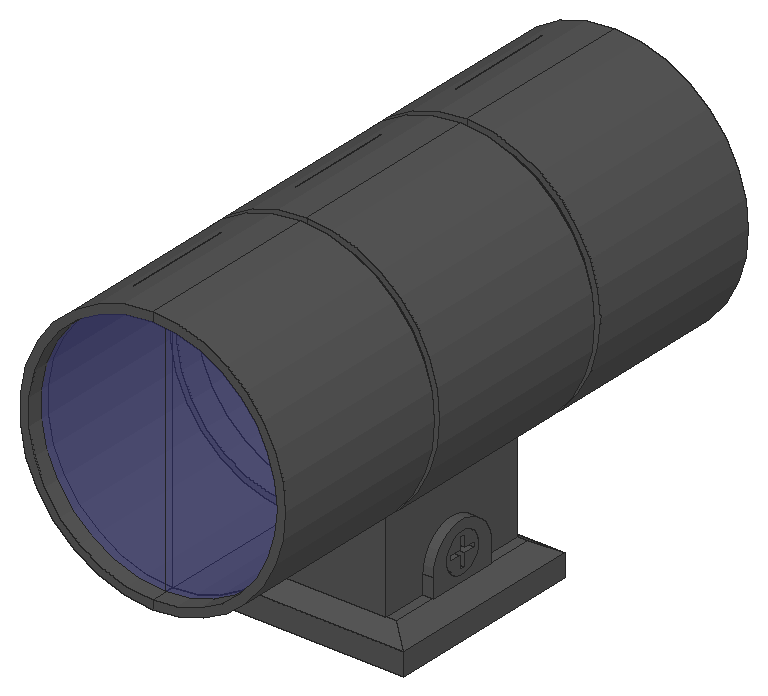
Revit family "CARLO CYLINDER LIGHT WALL MOUNT", category Lighting Fixtures, host Face, Revit 2020 (continued)
Types (10): name | Wattage_Input | Wattage Comments | Wattage | Photometric Web File | built-in parameter 1150142 | Model | built-in parameter 1150105 | Lumens | Light Length 1 | LIGHT RADIUS | LIGHT PLACEMENT | LIGHT LENGTH | LIGHT DIA | built-in parameter 1150106 | FIXED END HEIGHT | Curve base Height | Base Curve | BEAMING ANGLE | Apparent Load
    1.9098 \r\n 1.8232 1.7465 1.6753 1.6054 1.5388 1.4759 1.4174 1.3644 1.3163 1.274 \r\n 1.2334 1.1895 1.1466 1.108 1.0715 1.0367 1.0017 0.96382 0.92607 0.89125 \r\n 0.85706 0.82202 0.78651 0.7498 0.7137 0.68078 0.64814 0.61317 0.57765 0.54244 \r\n 0.50763 0.47362 0.44035 0.40918 0.37626 0.33546 0.29563 0.30575 0.32427 0.318 \r\n 0.31078 0.32247 0.33184 0.31101 0.29971 0.34874 0.39696 0.42587 0.45112 0.48497 \r\n 0.52013 0.55193 0.58477 0.6234 0.66208 0.69486 0.72707 0.76303 0.79988 0.83587 \r\n 0.87201 0.90887 0.94605 0.98331 1.0207 1.0579 1.0956 1.1344 1.1733 1.2108 \r\n 1.2484 1.287 1.3277 1.3727 1.4233 1.4827 1.548 1.6177 1.6905 1.7631 \r\n 1.8405 1.9277 2.0208 2.115 2.2188 2.3399 2.4762 2.6266 2.7963 2.9876 \r\n 3.2069 3.4643 3.7503 4.0482 4.3902 4.8072 5.2855 5.8124 6.4165 7.1433 \r\n 7.9288 8.7068 9.5296 10.446 11.401 12.343 13.312 14.345 15.413 16.498 \r\n 17.604 18.704 19.878 21.214 22.665 24.166 25.847 27.729 30.077 33.262 \r\n 36.993 39.685 45.599 60.036 78.3 97.234 117.53 138.02 161.1 189.79 \r\n 220.96 252.73 284.48 314.92 344.18 372.36 398.18 420.6 439.06 452.13 \r\n 461.34 467 471.26 477.09 482.3 485.14 487.35 490.34 493.38 496.11 \r\n 498.86 501.86 504.98 508.19 511.43 514.63 517.77 520.74 523.77 527.15 \r\n 530.56 533.68 536.79 540.06 543.55 547.31 551.56 556.47 562.28 569.11 \r\n 577.49 588.01 600.53 614.87 631.75 651.64 675.22 702.83 735.96 774.44 \r\n 823.48 891.88 968.69 1044.6 1123.5 1202.1 1293.1 1411 1547.1 1698 \r\n 1863.2 2041.3 2232.1 2437.7 2650.7 2863.6 3078 3293.3 3508.1 3722.5 \r\n 3931.9 4131.6 4321.5 4500.7 4667.6 4819.6 4959.3 5090.6 5207.7 5305.7 \r\n 5386.7 5449.8 5498.9 5538.2 5566.4 5583.3 5589 5583.1 5566.4 5540 \r\n 5509.6 \r\n5444.5 5549.8 5578 5594.7 5600.1 5594.6 5577.4 5547.1 5506.2 5458.8 \r\n 5399.3 5323.9 5231 5115.1 4984 4844.8 4693.9 4530 4353.9 4165.6 \r\n 3966.8 3758.6 3544.1 3325.8 3106.7 2890.8 2678.3 2469.9 2268.4 2076.7 \r\n 1895.5 1725 1569.2 1430.7 1312.9 1226.5 1152.1 1072.2 992.5 908.38 \r\n 832.86 781.38 742.04 707.84 679.47 655.44 635.24 617.93 603.27 590.68 \r\n 580.12 571.45 564.34 558.56 553.74 549.47 545.68 542.23 538.98 535.75 \r\n 532.53 529.14 525.82 522.82 519.97 517.25 514.47 511.36 508.19 505.13 \r\n 502.12 499.17 496.19 493.03 489.88 487.3 484.12 478.92 473.05 468.22 \r\n 461.85 452.18 438.53 418.97 395.41 368.79 340.13 310.99 280.68 248.36 \r\n 216.11 184.98 157.24 137.15 119.76 101.12 82.51 62.08 45.285 39.28 \r\n 37.126 33.701 30.704 28.146 25.979 24.224 22.696 21.173 19.787 18.656 \r\n 17.606 16.469 15.347 14.299 13.294 12.322 11.377 10.436 9.5366 8.7188 \r\n 7.9431 7.1639 6.4395 5.8237 5.2852 4.8116 4.4003 4.052 3.7445 3.4504 \r\n 3.1864 2.9634 2.772 2.6091 2.4663 2.3333 2.2134 2.1084 2.0125 1.9189 \r\n 1.8319 1.7552 1.6834 1.6119 1.5434 1.4788 1.4193 1.366 1.3192 1.2822 \r\n 1.2468 1.2068 1.1668 1.1304 1.0945 1.0565 1.0184 0.98211 0.94627 0.9102 \r\n 0.87414 0.83807 0.80201 0.76543 0.72988 0.69786 0.66585 0.63035 0.59383 0.55752 \r\n 0.5217 0.48736 0.45352 0.42045 0.3854 0.34343 0.30249 0.31377 0.33393 0.32923 \r\n 0.32209 0.32923 0.33393 0.31377 0.30249 0.34343 0.3854 0.42045 0.45352 0.48736 \r\n 0.5217 0.55752 0.59383 0.63035 0.66585 0.69786 0.72988 0.76543 0.80201 0.83807 \r\n 0.87414 0.9102 0.94627 0.98211 1.0184 1.0565 1.0945 1.1304 1.1668 1.2068 \r\n 1.2468 1.2822 1.3192 1.366 1.4193 1.4788 1.5434 1.6119 1.6834 1.7552 \r\n 1.8319 1.9189 2.0125 2.1084 2.2134 2.3333 2.4663 2.6091 2.772 2.9634 \r\n 3.1864 3.4504 3.7445 4.052 4.4003 4.8116 5.2852 5.8237 6.4395 7.1639 \r\n 7.9431 8.7188 9.5366 10.436 11.377 12.322 13.294 14.299 15.347 16.469 \r\n 17.606 18.656 19.787 21.173 22.696 24.224 25.979 28.146 30.704 33.701 \r\n 37.126 39.28 45.285 62.08 82.51 101.12 119.76 137.15 157.24 184.98 \r\n 216.11 248.36 280.68 310.99 340.13 368.79 395.41 418.97 438.53 452.18 \r\n 461.85 468.22 473.05 478.92 484.12 487.3 489.88 493.03 496.19 499.17 \r\n 502.12 505.13 508.19 511.36 514.47 517.25 519.97 522.82 525.82 529.14 \r\n 532.53 535.75 538.98 542.23 545.68 549.47 553.74 558.56 564.34 571.45 \r\n 580.12 590.68 603.27 617.93 635.24 655.44 679.47 707.84 742.04 781.38 \r\n 832.86 908.38 992.5 1072.2 1152.1 1226.5 1312.9 1430.7 1569.2 1725 \r\n 1895.5 2076.7 2268.4 2469.9 2678.3 2890.8 3106.7 3325.8 3544.1 3758.6 \r\n 3966.8 4165.6 4353.9 4530 4693.9 4844.8 4984 5115.1 5231 5323.9 \r\n 5399.3 5458.8 5506.2 5547.1 5577.4 5594.6 5600.1 5594.7 5578 5549.8 \r\n 5509.6 \r\n5444.5 5540 5566.4 5583.1 5589 5583.3 5566.4 5538.2 5498.9 5449.8 \r\n 5386.7 5305.7 5207.7 5090.6 4959.3 4819.6 4667.6 4500.7 4321.5 4131.6 \r\n 3931.9 3722.5 3508.1 3293.3 3078 2863.6 2650.7 2437.7 2232.1 2041.3 \r\n 1863.2 1697.9 1547.1 1411 1293.1 1202.1 1123.5 1044.6 968.69 891.88 \r\n 823.48 774.44 735.96 702.83 675.22 651.64 631.75 614.87 600.53 588.01 \r\n 577.49 569.11 562.28 556.47 551.56 547.31 543.55 540.06 536.79 533.68 \r\n 530.56 527.15 523.77 520.74 517.77 514.63 511.43 508.19 504.98 501.86 \r\n 498.86 496.11 493.38 490.34 487.35 485.14 482.3 477.09 471.26 467 \r\n 461.34 452.13 439.06 420.6 398.18 372.36 344.18 314.92 284.48 252.73 \r\n 220.97 189.79 161.1 138.02 117.53 97.234 78.3 60.036 45.599 39.685 \r\n 36.993 33.262 30.077 27.729 25.847 24.166 22.665 21.214 19.878 18.704 \r\n 17.604 16.498 15.413 14.345 13.312 12.343 11.401 10.446 9.5296 8.7068 \r\n 7.9288 7.1433 6.4165 5.8124 5.2855 4.8072 4.3902 4.0482 3.7503 3.4643 \r\n 3.2069 2.9876 2.7963 2.6266 2.4762 2.3399 2.2188 2.115 2.0208 1.9277 \r\n 1.8405 1.7631 1.6905 1.6177 1.548 1.4827 1.4233 1.3727 1.3277 1.287 \r\n 1.2484 1.2108 1.1733 1.1344 1.0956 1.0579 1.0207 0.98331 0.94605 0.90887 \r\n 0.87201 0.83587 0.79988 0.76303 0.72707 0.69486 0.66208 0.6234 0.58477 0.55193 \r\n 0.52013 0.48497 0.45112 0.42587 0.39696 0.34874 0.29971 0.31101 0.33184 0.32247 \r\n 0.31078 0.318 0.32427 0.30575 0.29563 0.33546 0.37626 0.40918 0.44035 0.47362 \r\n 0.50763 0.54244 0.57765 0.61317 0.64814 0.68078 0.7137 0.7498 0.78651 0.82202 \r\n 0.85706 0.89125 0.92607 0.96382 1.0017 1.0367 1.0715 1.108 1.1466 1.1895 \r\n 1.2334 1.274 1.3163 1.3644 1.4174 1.4759 1.5388 1.6054 1.6753 1.7465 \r\n 1.8232 1.9098 2.003 2.0992 2.2045 2.3239 2.4566 2.6004 2.7645 2.9555 \r\n 3.1784 3.444 3.7416 4.0553 4.4107 4.8292 5.3072 5.8424 6.4515 7.1677 \r\n 7.9385 8.7098 9.5198 10.396 11.317 12.27 13.25 14.237 15.261 16.357 \r\n 17.476 18.526 19.66 21.045 22.55 24.003 25.698 27.892 30.521 33.643 \r\n 37.142 39.533 44.991 58.463 76.143 96.339 117.65 136.63 157.76 185.7 \r\n 216.53 248.1 279.73 309.85 339 367.76 394.44 417.77 437.06 450.63 \r\n 460.11 465.84 469.97 475.38 480.25 483.33 485.84 488.69 491.59 494.57 \r\n 497.57 500.5 503.46 506.64 509.77 512.56 515.32 518.31 521.43 524.69 \r\n 528.02 531.33 534.74 538.33 542.17 546.27 550.87 556.14 562.39 569.85 \r\n 578.85 589.74 602.74 618.06 636.14 657.17 682.11 711.41 746.7 787.71 \r\n 840.53 916.21 999.6 1076 1155.2 1238.8 1336.3 1459.5 1601.9 1761.5 \r\n 1935.2 2119.9 2314.2 2515.9 2724.2 2938.8 3155.9 3372.2 3586.4 3797.3 \r\n 4001.4 4194.8 4377 4546.4 4704 4850.4 4985.3 5110.1 5219.5 5306.6 \r\n 5377.8 5437.4 5485.7 5524.9 5553 5567.7 5571.1 5564.9 5547.8 5519.2 \r\n 5509.6 \r\n5444.5 5531 5555.3 5571.3 5577.2 5570.8 5553.3 5526.1 5487 5435.3 \r\n 5368.2 5281.6 5178.5 5059.5 4927.3 4786 4632.1 4462 4279.8 4088.1 \r\n 3887.3 3676.8 3462.4 3250.4 3038.2 2825.4 2612.8 2397.5 2189.9 2000.9 \r\n 1826.6 1666.5 1520.7 1387.9 1271.2 1176.9 1095 1017.4 945.39 875.26 \r\n 813.34 766.72 729.27 697.31 670.54 647.56 628.12 611.73 597.8 585.46 \r\n 575.08 566.98 560.38 554.57 549.61 545.37 541.63 538.1 534.81 531.75 \r\n 528.68 525.26 521.84 518.79 515.72 512.27 508.76 505.42 502.18 499.02 \r\n 496.04 493.45 490.91 487.99 485.14 483.18 480.57 475.39 469.65 465.79 \r\n 460.56 451.5 438.66 420.9 399.25 373.98 346.14 316.72 286.12 254.85 \r\n 223.5 192.32 162.94 137.63 114.8 93.209 74.074 57.821 45.543 39.753 \r\n 36.63 32.714 29.438 27.28 25.636 24.023 22.551 21.165 19.872 18.669 \r\n 17.534 16.453 15.399 14.317 13.264 12.298 11.362 10.399 9.4733 8.6497 \r\n 7.8739 7.0895 6.3671 5.7772 5.2636 4.7857 4.3676 4.0322 3.7428 3.4652 \r\n 3.2152 3.0004 2.8104 2.6368 2.4814 2.3434 2.2222 2.1196 2.0271 1.9348 \r\n 1.8479 1.7702 1.6968 1.6235 1.5533 1.4877 1.4283 1.3796 1.3347 1.291 \r\n 1.2499 1.214 1.1785 1.1376 1.0963 1.0591 1.0225 0.98421 0.94577 0.90781 \r\n 0.87041 0.8342 0.79828 0.76135 0.72519 0.69266 0.65925 0.61877 0.57918 0.549 \r\n 0.52029 0.48534 0.45198 0.43138 0.40578 0.3531 0.29826 0.30718 0.32615 0.3135 \r\n 0.29913 0.30615 0.31332 0.29637 0.28742 0.32609 0.36569 0.39688 0.42654 0.45928 \r\n 0.49292 0.52679 0.56102 0.59577 0.63035 0.66348 0.69708 0.73347 0.77018 0.80526 \r\n 0.83953 0.87233 0.90621 0.94534 0.98427 1.0171 1.0494 1.0864 1.1268 1.1717 \r\n 1.2185 1.2636 1.31 1.3592 1.412 1.4696 1.5313 1.5965 1.6652 1.7362 \r\n 1.8128 1.8992 1.9924 2.089 2.1946 2.3135 2.4459 2.5907 2.7557 2.9463 \r\n 3.1688 3.435 3.7341 4.0518 4.4119 4.836 5.3174 5.8498 6.4527 7.1601 \r\n 7.9218 8.6885 9.4911 10.346 11.248 12.207 13.192 14.165 15.167 16.242 \r\n 17.344 18.398 19.538 20.919 22.407 23.802 25.455 27.689 30.387 33.602 \r\n 37.149 39.758 44.746 55.341 70.543 91.738 115 135.28 157.33 185.41 \r\n 215.95 246.9 277.91 307.85 336.99 365.84 392.6 415.83 435.02 448.71 \r\n 458.21 463.51 467.12 472.14 476.74 479.77 482.27 484.9 487.6 490.59 \r\n 493.64 496.52 499.43 502.62 505.79 508.6 511.4 514.51 517.71 520.91 \r\n 524.19 527.57 531.15 535.01 539.16 543.52 548.41 554.07 560.71 568.48 \r\n 577.79 588.98 602.36 618.25 637.01 658.78 684.52 714.66 750.92 793.44 \r\n 847.42 922.93 1005.5 1079.6 1158.7 1250.4 1357.2 1485.3 1631 1793.8 \r\n 1970.6 2158.3 2354.9 2556.8 2764.8 2980.6 3198.2 3412.1 3622.9 3830.7 \r\n 4031.1 4219.8 4397 4560.8 4712.9 4855.5 4986.4 5105.8 5209.6 5291.8 \r\n 5359.5 5419.1 5467.9 5505.8 5532 5544.7 5546.5 5539.7 5522.5 5493.5 \r\n 5509.6 \r\n5444.5 5522.8 5544.7 5559.5 5564.5 5556.9 5538.3 5510.6 5470.4 5415.3 \r\n 5343.6 5251.6 5143.5 5022 4887.9 4744.1 4587.3 4414 4228.8 4035.2 \r\n 3833 3621.6 3407.2 3197 2987.2 2776.2 2564.8 2349.1 2141.6 1955.6 \r\n 1785.5 1630.7 1490 1361.4 1247.2 1150.8 1066.7 990.9 922.61 858.53 \r\n 802.42 758.22 721.98 691.26 665.45 643.2 624.35 608.52 595.06 583.03 \r\n 572.88 565.05 558.65 552.88 547.89 543.67 539.94 536.37 533.02 529.97 \r\n 526.91 523.47 520.03 516.96 513.83 510.17 506.46 503.05 499.8 496.62 \r\n 493.65 491.18 488.79 485.98 483.24 481.41 478.93 473.84 468.21 464.58 \r\n 459.52 450.3 437.32 419.87 398.62 373.66 346 316.38 285.61 254.7 \r\n 223.73 192.59 162.78 135.97 111.57 89.044 69.833 55.434 45.116 39.485 \r\n 36.036 32.059 28.786 26.8 25.346 23.797 22.355 21.024 19.77 18.552 \r\n 17.395 16.335 15.303 14.214 13.15 12.188 11.259 10.295 9.3675 8.5476 \r\n 7.7783 7.0024 6.2913 5.7179 5.2195 4.7472 4.3326 4.0039 3.7221 3.4532 \r\n 3.2111 3.0017 2.8145 2.6396 2.4819 2.344 2.2236 2.1224 2.0313 1.9402 \r\n 1.8542 1.7762 1.7024 1.6292 1.5592 1.4937 1.4344 1.3851 1.3401 1.2943 \r\n 1.2514 1.2166 1.1822 1.1398 1.0969 1.0599 1.0238 0.98481 0.94544 0.90701 \r\n 0.86935 0.83309 0.79721 0.76039 0.72423 0.69126 0.65737 0.61647 0.57707 0.54873 \r\n 0.52218 0.48847 0.45609 0.43699 0.41184 0.35649 0.29814 0.30226 0.31688 0.30231 \r\n 0.28714 0.2937 0.30107 0.2856 0.27788 0.31532 0.35369 0.38354 0.41208 0.44432 \r\n 0.47756 0.51056 0.54394 0.57815 0.6125 0.64598 0.68001 0.71644 0.753 0.78777 \r\n 0.82155 0.85343 0.88668 0.92665 0.96623 0.9975 1.0283 1.0657 1.1072 1.1535 \r\n 1.2021 1.2506 1.3002 1.3504 1.4031 1.4601 1.5208 1.5852 1.6533 1.7241 \r\n 1.8009 1.8873 1.9806 2.0777 2.1837 2.3021 2.4341 2.5797 2.7455 2.9357 \r\n 3.1576 3.4231 3.7222 4.0415 4.4041 4.832 5.3157 5.8456 6.4429 7.1411 \r\n 7.8931 8.6549 9.4505 10.286 11.171 12.133 13.122 14.082 15.067 16.123 \r\n 17.212 18.273 19.421 20.796 22.267 23.621 25.25 27.534 30.301 33.578 \r\n 37.148 39.954 44.549 52.712 65.71 87.316 111.8 133.11 155.96 184.12 \r\n 214.37 244.78 275.24 304.99 334.11 363.03 389.9 413.16 432.41 446.41 \r\n 456.15 461.23 464.49 469.2 473.56 476.61 479.15 481.65 484.21 487.23 \r\n 490.33 493.19 496.09 499.31 502.52 505.37 508.22 511.4 514.67 517.81 \r\n 521.04 524.49 528.19 532.27 536.66 541.23 546.36 552.33 559.29 567.35 \r\n 576.94 588.42 602.14 618.52 637.85 660.25 686.7 717.58 754.7 798.56 \r\n 853.52 928.54 1010.3 1083 1162.8 1261.3 1375.8 1507.8 1656.4 1822.2 \r\n 2001.4 2191.9 2390.4 2592.4 2800 3016.1 3233.6 3445.5 3653.5 3858.6 \r\n 4055.9 4240.8 4413.8 4573 4720.8 4860 4987.5 5102.2 5201.4 5279.5 \r\n 5344.4 5403.7 5452.9 5489.8 5514.5 5525.8 5526.3 5519.3 5502 5472.7 \r\n 5509.6 \r\n5444.5 5515.3 5534.7 5547.6 5550.9 5541.6 5521.3 5491.9 5449.3 5389.8 \r\n 5313.1 5215.6 5102.5 4977.9 4841.2 4693.7 4533.4 4356.7 4168.6 3972.8 \r\n 3769.2 3556.8 3342.2 3133.2 2925.1 2716 2506.6 2292.6 2087.4 1905.4 \r\n 1740.1 1590.5 1455 1331.6 1221 1123.8 1038.6 964.93 900.34 841.69 \r\n 790.73 748.94 714.08 684.69 659.94 638.56 620.43 605.24 592.32 580.71 \r\n 570.89 563.32 557.08 551.37 546.4 542.2 538.46 534.84 531.44 528.33 \r\n 525.23 521.79 518.34 515.27 512.11 508.34 504.52 501.09 497.84 494.65 \r\n 491.71 489.31 487.01 484.31 481.66 479.83 477.37 472.43 466.94 463.37 \r\n 458.21 448.51 435.06 417.51 396.28 371.4 343.77 313.9 282.93 252.3 \r\n 221.65 190.59 160.6 133.05 107.84 84.738 65.576 52.875 44.319 38.88 \r\n 35.211 31.294 28.123 26.288 24.977 23.487 22.077 20.792 19.571 18.352 \r\n 17.188 16.144 15.128 14.037 12.968 12.013 11.092 10.133 9.2124 8.4006 \r\n 7.6421 6.8822 6.1891 5.6346 5.1532 4.6918 4.2852 3.9632 3.6881 3.4283 \r\n 3.1948 2.9916 2.8086 2.6349 2.4777 2.3415 2.223 2.1232 2.0334 1.9441 \r\n 1.8594 1.7813 1.7073 1.6348 1.5658 1.5008 1.4414 1.3906 1.3439 1.2968 \r\n 1.2528 1.2184 1.1846 1.1411 1.0971 1.0604 1.0247 0.98511 0.94506 0.90647 \r\n 0.86881 0.83251 0.79668 0.76016 0.72419 0.69066 0.65643 0.61649 0.57843 0.55113 \r\n 0.52579 0.49435 0.46345 0.44269 0.41515 0.35892 0.29934 0.29627 0.30402 0.28891 \r\n 0.27481 0.28063 0.28753 0.27347 0.26699 0.30315 0.34027 0.36917 0.39699 0.42877 \r\n 0.46156 0.49376 0.52641 0.5603 0.59458 0.62826 0.66249 0.69872 0.73498 0.76957 \r\n 0.80313 0.83456 0.86747 0.90776 0.94755 0.97803 1.008 1.0458 1.088 1.1347 \r\n 1.1843 1.2351 1.2869 1.338 1.3908 1.4473 1.5074 1.5714 1.6393 1.7104 \r\n 1.7875 1.874 1.9676 2.0653 2.1717 2.2897 2.4212 2.5675 2.734 2.9239 \r\n 3.1448 3.4084 3.7058 4.0244 4.3872 4.8172 5.3021 5.83 6.4223 7.1108 \r\n 7.8524 8.6091 9.398 10.217 11.086 12.048 13.038 13.989 14.961 16.001 \r\n 17.08 18.151 19.309 20.675 22.132 23.46 25.084 27.429 30.265 33.57 \r\n 37.137 40.121 44.401 50.577 61.644 83.072 108.04 130.11 153.65 181.83 \r\n 211.79 241.72 271.7 301.27 330.34 359.32 386.34 409.74 429.23 443.75 \r\n 453.93 459.01 462.08 466.56 470.74 473.85 476.5 478.94 481.44 484.48 \r\n 487.63 490.51 493.44 496.7 499.97 502.87 505.76 509 512.29 515.38 \r\n 518.57 522.07 525.88 530.09 534.65 539.4 544.73 550.93 558.15 566.45 \r\n 576.3 588.04 602.08 618.86 638.66 661.6 688.64 720.16 758.04 803.08 \r\n 858.82 933.04 1013.9 1086.3 1167.4 1271.4 1391.9 1527.3 1678.2 1846.4 \r\n 2027.9 2220.6 2420.8 2622.8 2829.8 3045.4 3262 3472.4 3678.4 3881.1 \r\n 4075.8 4257.7 4427.5 4583.2 4727.6 4863.9 4988.4 5099.4 5194.9 5269.8 \r\n 5332.3 5391.4 5440.7 5476.8 5500.6 5510.8 5510.5 5503.4 5486.3 5456.9 \r\n 5509.6 \r\n5444.5 5509.2 5525.7 5535.7 5536.4 5524.8 5501.9 5468.9 5421.7 5356.5 \r\n 5273.8 5170.9 5052.8 4924.2 4783.4 4630.6 4465.1 4284.9 4094 3895.5 \r\n 3689.9 3476.5 3261.6 3052.3 2844.9 2637.7 2431.4 2222.2 2022.8 1846.4 \r\n 1686.9 1542.6 1412.6 1296.2 1191.4 1095.1 1010 939.05 878.21 824.22 \r\n 777.64 738.31 705.12 677.22 653.72 633.45 616.27 601.87 589.62 578.65 \r\n 569.33 561.98 555.86 550.25 545.34 541.16 537.39 533.72 530.22 526.96 \r\n 523.73 520.28 516.87 513.8 510.66 506.95 503.17 499.77 496.54 493.36 \r\n 490.43 488.02 485.73 483.12 480.53 478.5 475.88 471.18 465.91 462.27 \r\n 456.74 446.12 431.66 413.42 391.7 366.57 338.76 308.54 277.33 246.83 \r\n 216.41 185.5 155.69 128.52 103.63 80.251 61.108 49.942 42.971 37.76 \r\n 33.996 30.333 27.425 25.722 24.488 23.052 21.677 20.424 19.228 18.03 \r\n 16.882 15.845 14.833 13.749 12.688 11.74 10.83 9.8863 8.9828 8.1841 \r\n 7.4419 6.7096 6.0458 5.5144 5.0534 4.6112 4.2199 3.9044 3.6339 3.3838 \r\n 3.1603 2.9648 2.7885 2.6204 2.468 2.3364 2.2214 2.1231 2.0344 1.9476 \r\n 1.8652 1.7871 1.7131 1.6427 1.5759 1.512 1.4527 1.4004 1.3519 1.3036 \r\n 1.2589 1.2229 1.1874 1.1428 1.0981 1.0617 1.0263 0.98615 0.94561 0.9074
